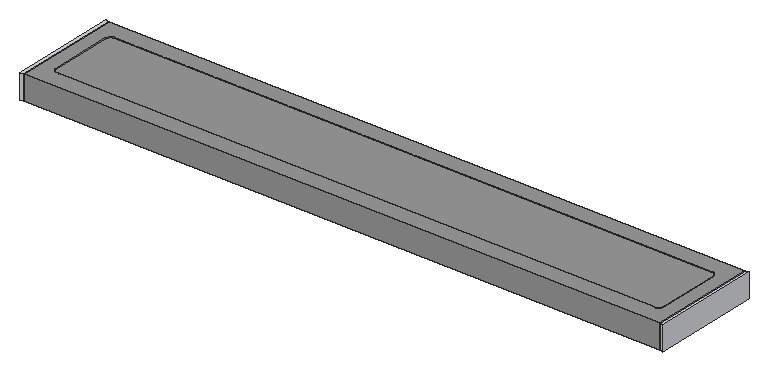
Revit family "0044077 Sylvania Lighting Fixture OPTIX S 1200 MPO D HO 4000K DA WHITE", category Lighting Fixtures, host Face, Revit 2016
Family settings
  Host = Face
  Part Type = Normal
  Round Connector Dimension = Use Diameter
  OmniClass Number = 23.80.70.00
  OmniClass Title = Lighting
  Cut with Voids When Loaded = No
  Light Source = Yes
  Shared = No
  Room Calculation Point = No
Parameters (values of type "0044077 OPTIX S 1200 MPO D HO 4K DA WHITE")
  spacer height = 5 mm
  spacer centres = 1000 mm
  lens width = 1135 mm
  full length = 1200 mm
  Width = 200 mm
  Weight = "n/a"
  Wattage Comments = ""
  Wattage = 9.2903 W
  WarrantyStartDate [instance] = "n/a"
  WarrantyGuarantorParts = "n/a"
  WarrantyDurationUnit = "n/a"
  WarrantyDurationParts = ""
  WarrantyDescription = "http://www.sylvania-lighting.com"
  built-in parameter 1150110 = 1 (stored number, unit not read)
  Voltage = 0 V
  URL = "0.98"
  TypeName = "OPTIX S 1200 MPO D HO 4000K DA WHITE"
  Type Image = <None>
  Type Comments = "n/a"
  built-in parameter 1114217 = 1 (stored number, unit not read)
  Tilt Angle = 90.00°
  built-in parameter 1150109 = 1 (stored number, unit not read)
  built-in parameter 1150134 = 3
  built-in parameter 1150113 = 1 (stored number, unit not read)
  SerialNumber [instance] = "n/a"
  Photometric Web File = "0044077.ies"
  Material_3_FEILO = none
  PowerFactor = 0
  PowerConsumption = "Lighting"
  NominalLength = 200 mm
  NominalHeight = 0 mm
  NominalDepth = 0 mm
  Name = "OPTIX S 1200 MPO D HO 4000K DA WHITE"
  ModelReference = Name  # "OPTIX S 1200 MPO D HO 4000K DA WHITE"
  ModelNumber = "0044077"
  Model = Name  # "OPTIX S 1200 MPO D HO 4000K DA WHITE"
  Material = "Feilo Sylvania"
  ManufacturerName = "114 lm/W"
  Manufacturer = ""
  LuminousEfficacy = ""
  built-in parameter 1150105 = 109.82 (stored number, unit not read)
  Lumens = 1380 lm
  LuminaireType = "0"
  built-in parameter 1150115 = 1 (stored number, unit not read)
  LightOutputRatio = "LED"
  built-in parameter 1150137 = (empty or 0)
  built-in parameter 1150139 = (empty or 0)
  Lens Width = 135 mm
  Length = 1188 mm
  LampsType = Lamp  # "n/a"
  LampNominalLuminous = "4000 K"
  LampMacAdamStep = "80"
  LampColourTemperature = "LED"
  LampColourRenderingIndex = "16500"
  built-in parameter 1150112 = 1 (stored number, unit not read)
  built-in parameter 1150114 = 1 (stored number, unit not read)
  Lamp = "n/a"
  Keynote = "n/a"
  InstallationDate [instance] = "n/a"
  InputVoltage = "0"
  InputNominalFrequency = "4000"
  built-in parameter 1150132 = (empty or 0)
  built-in parameter 1150102 = (empty or 0)
  built-in parameter 1150107 = 3200 (stored number, unit not read)
  built-in parameter 1150138 = (empty or 0)
  IngressProtection = "IfcLightFixtureType"
  ImpactProtectionIndex = "IfcLightFixtureType"
  built-in parameter 1150106 = 1.0982 (stored number, unit not read)
  IfcExportType = "IfcLightFixtureType"
  IfcExportAs = "Class I"
  Height = 50 mm
  ExpectedLife = 50000
  Emit from Circle Diameter = 609.6 mm
  Emit Shape Visible in Rendering = no
  ElectricShockClassification = "114"
  built-in parameter 1150104 = 13.8 (stored number, unit not read)
  DurationUnit = "hours"
  DocumentationLiterature = "http://www.sylvania-lighting.com/product/en-int/products/0044077"
  DimmingControlOptions = "n/a"
  Material_2_FEILO = none
  Dimming Lamp Color Temperature Shift = <None>
  Description = "OPTIX S 1200 MPO D HO 4K DA WHITE is a high efficacy low glare surface or suspended LED Linear luminaire with Micro Prismatic Optic, with direct light distribution, luminaire dimensions: 1200x200x50mm, Sylvania White body colour (RAL9016), IP20, IK07, DALI Dimmable, low LED flicker (+/-5%), Neutral White (4000K) LED Colour Temperature, 3550lm luminous flux, 31W power consumption, 114lm/W system efficacy, CRI>80, SDCM 3 (3-step MacAdam ellipse) LED Colour Consistency, UGR<20, Luminance at 65° < 3000 cd/m2, lumen maintenance: L90B50 at 60000h, photobiological safety risk group 1. Electrical protection Class I."
  Default Elevation = 1219.2 mm
  CreatedOn = "20/10/2020"
  CreatedBy = "@sylvania-lighting.com"
  Cost = 0
  Color Filter = 16777215
  built-in parameter 1114216 [instance] = (empty or 0)
  ClassificationValue = "EF_70_80"
  ClassificationName = "Uniclass2015"
  Material_1_FEILO = none
  BarCode [instance] = "n/a"
  built-in parameter 1114218 = 1 (stored number, unit not read)
  built-in parameter 1150133 = 10 (stored number, unit not read)
  AssetType = "Fixed"
  AssetIdentifier [instance] = "n/a"
  Assembly Code = "D5020200"
  Apparent Load = 31 VA
  Material_4_FEILO = none
Reference planes
  plane 1 "Center (Front/Back)": y = 0
  plane 2: z = 0
  plane 3 "Center (Left/Right)": x = 0
  plane 4: z = 0
  plane 5: z = 50
  plane 6: y = 100
  plane 7: y = -100
  plane 8: x = -594
  plane 9: x = 594
  plane 10: z = 5
  plane 11: x = -500
  plane 12: x = 500
  plane 13: y = 10
  plane 14: y = -10
  plane 15: x = 487.5
  plane 16: x = 512.5
  plane 17: x = -512.5
  plane 18: x = -487.5
  plane 19: x = -567.5
  plane 20: x = 567.5
  plane 21: y = 67.5
  plane 22: y = -67.5
  plane 23: x = -557.5
  plane 24: y = 57.5
  plane 25: y = -57.5
  plane 26: x = 557.5
  plane 27: x = -600
  plane 28: x = 600
Forms (mm)
  Extrusion 1, solid, material "Aluminum 1100-H18", detail levels medium+fine
    sketch origin (4.2, 0, 0) x (1, 0, 0) y (0, 1, 0)
      loop
        line (-598.2, 100) -> (-598.2, -100) -> (589.8, -100) -> (589.8, 100) -> (-598.2, 100)
    from 5 to 50
  Extrusion 2, solid
    sketch origin (4.2, 0, 0) x (1, 0, 0) y (0, 1, 0)
      loop
        line (483.3, 10) -> (483.3, -10) -> (508.3, -10) -> (508.3, 10) -> (483.3, 10)
    from 0 to 5
  Extrusion 3, solid
    sketch origin (4.2, 0, 0) x (1, 0, 0) y (0, 1, 0)
      loop
        line (-516.7, 10) -> (-516.7, -10) -> (-491.7, -10) -> (-491.7, 10) -> (-516.7, 10)
    from 0 to 5
  Extrusion 4, void, detail levels fine
    sketch origin (4.2, 0, 0) x (0, 1, 0) y (1, 0, 0)
      loop
        line (67.5, -561.7) -> (67.5, 553.3)
        arc (67.5, 553.3) -> (64.571, 560.371) -> (57.5, 563.3) r 10
        line (57.5, 563.3) -> (-57.5, 563.3)
        arc (-57.5, 563.3) -> (-64.571, 560.371) -> (-67.5, 553.3) r 10
        line (-67.5, 553.3) -> (-67.5, -561.7)
        arc (-67.5, -561.7) -> (-64.571, -568.771) -> (-57.5, -571.7) r 10
        line (-57.5, -571.7) -> (57.5, -571.7)
        arc (57.5, -571.7) -> (64.571, -568.771) -> (67.5, -561.7) r 10
    from -50 to -48
  Extrusion 5, solid, detail levels medium+fine
    sketch origin (4.2, 0, 0) x (1, 0, 0) y (0, 1, 0)
      loop
        line (-604.2, 100) -> (-604.2, -100) -> (-598.2, -100) -> (-598.2, 100) -> (-604.2, 100)
    from 5 to 50
  Extrusion 6, solid, detail levels medium+fine
    sketch origin (4.2, 0, 0) x (1, 0, 0) y (0, 1, 0)
      loop
        line (589.8, 100) -> (589.8, -100) -> (595.8, -100) -> (595.8, 100) -> (589.8, 100)
    from 5 to 50
  Extrusion 7, solid, material "Glass, White, High Luminance", detail levels fine
    sketch origin (4.2, 0, 0) x (1, 0, 0) y (0, 1, 0)
      loop
        arc (-561.7, 67.5) -> (-568.771, 64.571) -> (-571.7, 57.5) r 10
        line (-571.7, 57.5) -> (-571.7, -57.5)
        arc (-571.7, -57.5) -> (-568.771, -64.571) -> (-561.7, -67.5) r 10
        line (-561.7, -67.5) -> (553.3, -67.5)
        arc (553.3, -67.5) -> (560.371, -64.571) -> (563.3, -57.5) r 10
        line (563.3, -57.5) -> (563.3, 57.5)
        arc (563.3, 57.5) -> (560.371, 64.571) -> (553.3, 67.5) r 10
        line (553.3, 67.5) -> (-561.7, 67.5)
    from 48 to 49.5
  Extrusion 8, solid, detail levels coarse
    sketch origin (4.2, 0, 0) x (1, 0, 0) y (0, 1, 0)
      loop
        line (-604.2, 100) -> (-604.2, -100) -> (595.8, -100) -> (595.8, 100) -> (-604.2, 100)
    from 0 to 50
Cuts and joins
  Extrusion 4 cuts Extrusion 2
  Extrusion 4 cuts Extrusion 3
  Extrusion 4 cuts Extrusion 1
Dimensions and locks
  "Width": plane 6 to plane 7
  equal spacing: plane 6, plane 1 "Center (Front/Back)", plane 7
  "Length": plane 8 to plane 9
  equal spacing: plane 8, plane 3 "Center (Left/Right)", plane 9
  "spacer height": plane 10 to host face
  "Height": plane 5 to level
  "spacer centres": plane 11 to plane 12
  equal spacing: plane 11, plane 3 "Center (Left/Right)", plane 12
  "lens width": plane 19 to plane 20
  equal spacing: plane 19, plane 3 "Center (Left/Right)", plane 20
  "Lens Width": plane 21 to plane 22
  equal spacing: plane 21, plane 1 "Center (Front/Back)", plane 22
  "full length": plane 27 to plane 28
  equal spacing: plane 27, plane 3 "Center (Left/Right)", plane 28
  aligned and locked: plane 2 to host face
  aligned and locked: level to host face
Automatic sketch dimensions
  host sketch curve to host sketch curve = 2438.4 mm  (x2)
  Extrusion 1 sketch curve to plane 7 = 0 mm
  Extrusion 1 sketch curve to plane 8 = 0 mm
  Extrusion 1 sketch curve to plane 9 = 0 mm
  Extrusion 1 sketch curve to plane 6 = 0 mm
  Extrusion 2 sketch curve to plane 14 = 0 mm
  Extrusion 2 sketch curve to plane 15 = 0 mm
  Extrusion 2 sketch curve to plane 16 = 0 mm
  Extrusion 2 sketch curve to plane 13 = 0 mm
  Extrusion 3 sketch curve to plane 14 = 0 mm
  Extrusion 3 sketch curve to plane 17 = 0 mm
  Extrusion 3 sketch curve to plane 18 = 0 mm
  Extrusion 3 sketch curve to plane 13 = 0 mm
  Extrusion 4 sketch curve to plane 22 = 0 mm
  Extrusion 4 sketch curve to plane 19 = 0 mm
  Extrusion 4 sketch curve to plane 25 = 0 mm  (x2)
  Extrusion 4 sketch curve to plane 20 = 0 mm
  Extrusion 4 sketch curve to plane 24 = 0 mm  (x2)
  Extrusion 4 sketch curve to plane 23 = 0 mm
  Extrusion 5 sketch curve to plane 7 = 0 mm
  Extrusion 5 sketch curve to plane 27 = 0 mm
  Extrusion 5 sketch curve to plane 8 = 0 mm
  Extrusion 5 sketch curve to plane 6 = 0 mm
  Extrusion 6 sketch curve to plane 7 = 0 mm
  Extrusion 6 sketch curve to plane 9 = 0 mm
  Extrusion 6 sketch curve to plane 28 = 0 mm
  Extrusion 6 sketch curve to plane 6 = 0 mm
  Extrusion 7 sketch curve to plane 23 = 0 mm  (x2)
  Extrusion 7 sketch curve to plane 21 = 0 mm
  Extrusion 7 sketch curve to plane 22 = 0 mm
  Extrusion 7 sketch curve to plane 26 = 0 mm  (x2)
  Extrusion 7 sketch curve to plane 20 = 0 mm
  Extrusion 7 sketch curve to plane 24 = 0 mm
  Extrusion 8 sketch curve to plane 7 = 0 mm
  Extrusion 8 sketch curve to plane 27 = 0 mm
  Extrusion 8 sketch curve to plane 28 = 0 mm
  Extrusion 8 sketch curve to plane 6 = 0 mm
Connectors
  electrical at (0, 0, 0), driven by "Apparent Load", driven by "PowerFactor", driven by "Voltage"
    settings: index 1, voltage 0 V, apparent load 31 VA, apparent load phase1 0 VA, apparent load phase2 0 VA, apparent load phase3 0 VA, power factor 0, load classification "Lighting", number of poles 1, system type 30, power factor state 1, is connector primary yes, connector utility no, sub classification motor no, connector description ""
